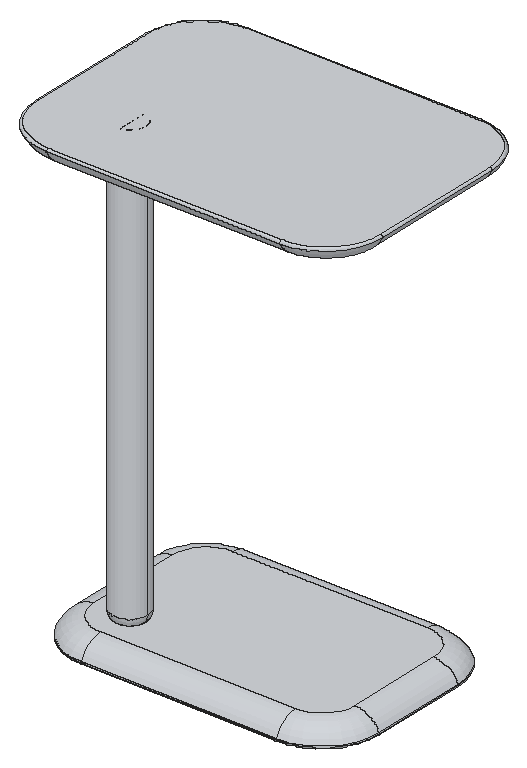
Revit family "Spot Side Table_RFA", category Furniture, Revit 2015
Parameters (values of type "18"x 13" x 24"")
  Width = 330.2 mm
  URL = "http://www.poppin.com"
  Manufacturer = "Poppin, Inc."
  Felt Pads = none
  Length = 457.2 mm
  Height = 609.6 mm
  Keys = none
  Post = none
  Description = "Spot Side Table"
  Flat Surfaces = none
  Copyright = "Copyright © Poppin, Inc."
Reference planes
  plane 1 "Center (Front/Back)": y = 0
  plane 2: z = 0
  plane 3 "Center (Left/Right)": x = 0
Forms (mm)
  Extrusion 1, solid, material <- "Felt Pads"
    sketch origin (0, 0, 0) x (1, 0, 0) y (0, 1, 0)
      loop
        circle (-165.52, 98.572) r 12.5
      loop
        circle (-165.52, -105.49) r 12.5
      loop
        circle (165.571, 98.572) r 12.5
      loop
        circle (165.571, -105.49) r 12.5
    from 0 to 2.5
  Extrusion 2, solid, material <- "Flat Surfaces"
    sketch origin (0, 0, 0) x (1, 0, 0) y (0, 1, 0)
      loop
        arc (-128.305, 136.279) -> (-181.338, 114.312) -> (-203.305, 61.279) r 75
        line (-203.305, 61.279) -> (-203.305, -68.721)
        arc (-203.305, -68.721) -> (-181.338, -121.754) -> (-128.305, -143.721) r 75
        line (-128.305, -143.721) -> (128.57, -143.721)
        arc (128.57, -143.721) -> (181.603, -121.754) -> (203.57, -68.721) r 75
        line (203.57, -68.721) -> (203.57, 61.279)
        arc (203.57, 61.279) -> (181.603, 114.312) -> (128.57, 136.279) r 75
        line (128.57, 136.279) -> (-128.305, 136.279)
    from 2.425 to 27.425
  Sweep 3, void
    path in 3D
      loop
        arc (-203.305, -68.721, 27.425) -> (-181.338, -121.754, 27.425) -> (-128.305, -143.721, 27.425) r 75
        line (-128.305, -143.721, 27.425) -> (128.57, -143.721, 27.425)
        arc (128.57, -143.721, 27.425) -> (181.603, -121.754, 27.425) -> (203.57, -68.721, 27.425) r 75
        line (203.57, -68.721, 27.425) -> (203.57, 61.279, 27.425)
        arc (203.57, 61.279, 27.425) -> (181.603, 114.312, 27.425) -> (128.57, 136.279, 27.425) r 75
        line (128.57, 136.279, 27.425) -> (-128.305, 136.279, 27.425)
        arc (-128.305, 136.279, 27.425) -> (-181.338, 114.312, 27.425) -> (-203.305, 61.279, 27.425) r 75
        line (-203.305, 61.279, 27.425) -> (-203.305, -68.721, 27.425)
    profile origin (-203.305, -3.721, 27.425) x (1, 0, 0) y (0, 0, 1)
      loop
        line (-1.381, 0) -> (-1.381, -25) -> (2.738, -25)
        arc (2.738, -25) -> (0.639, -24.13) -> (-0.231, -22.03) r 2.97
        arc (-0.231, -22.03) -> (12.501, -6.538) -> (31.458, 0) r 36.871
        line (31.458, 0) -> (-1.381, 0)
  Extrusion 4, solid, material <- "Flat Surfaces"
    sketch origin (0, 0, 585) x (1, 0, 0) y (0, 1, 0)
      loop
        arc (-153.75, 161.279) -> (-206.783, 139.312) -> (-228.75, 86.279) r 75
        line (-228.75, 86.279) -> (-228.75, -93.721)
        arc (-228.75, -93.721) -> (-206.783, -146.754) -> (-153.75, -168.721) r 75
        line (-153.75, -168.721) -> (153.258, -168.721)
        arc (153.258, -168.721) -> (206.291, -146.754) -> (228.258, -93.721) r 75
        line (228.258, -93.721) -> (228.258, 86.279)
        arc (228.258, 86.279) -> (206.291, 139.312) -> (153.258, 161.279) r 75
        line (153.258, 161.279) -> (-153.75, 161.279)
    from 2.425 to 27.425
  Sweep 5, void
    path in 3D
      loop
        arc (-228.75, -93.721, 612.425) -> (-206.783, -146.754, 612.425) -> (-153.75, -168.721, 612.425) r 75
        line (-153.75, -168.721, 612.425) -> (153.258, -168.721, 612.425)
        arc (153.258, -168.721, 612.425) -> (206.291, -146.754, 612.425) -> (228.258, -93.721, 612.425) r 75
        line (228.258, -93.721, 612.425) -> (228.258, 86.279, 612.425)
        arc (228.258, 86.279, 612.425) -> (206.291, 139.312, 612.425) -> (153.258, 161.279, 612.425) r 75
        line (153.258, 161.279, 612.425) -> (-153.75, 161.279, 612.425)
        arc (-153.75, 161.279, 612.425) -> (-206.783, 139.312, 612.425) -> (-228.75, 86.279, 612.425) r 75
        line (-228.75, 86.279, 612.425) -> (-228.75, -93.721, 612.425)
    profile origin (-228.75, -3.721, 612.425) x (1, 0, 0) y (0, 0, 1)
      loop
        line (-2.782, 0) -> (-2.782, -25) -> (33.357, -25)
        arc (33.357, -25) -> (13.603, -18.791) -> (0.208, -3) r 37.282
        arc (0.208, -3) -> (1.087, -0.879) -> (3.208, 0) r 3
        line (3.208, 0) -> (-2.782, 0)
  Revolve 6, solid, material <- "Post"
    sketch origin (0, -66.25, 0) x (1, 0, 0) y (0, 0, 1)
      loop
        arc (-102.492, 578.292) -> (-103.589, 583.021) -> (-105.631, 587.425) r 23.598
        line (-105.631, 587.425) -> (-105.631, 611.571) -> (-126.489, 611.571) -> (-126.489, 2.738) -> (-105.669, 2.738) -> (-105.669, 27.425)
        arc (-105.669, 27.425) -> (-103.659, 31.759) -> (-102.492, 36.391) r 25.487
        line (-102.492, 36.391) -> (-102.492, 578.292)
      axis (-126.5, 611.571) -> (-126.5, 2.738)
    angle from 0 to 360
  Extrusion 7, solid, material <- "Keys"
    sketch origin (0, 0, 0) x (1, 0, 0) y (0, 1, 0)
      loop
        line (-129.5, -45.597) -> (-129.5, -86.903) -> (-123.5, -86.903) -> (-123.5, -45.597) -> (-129.5, -45.597)
    from 2.738 to 21.425
  Extrusion 8, solid, material <- "Keys"
    sketch origin (0, 0, 590.62) x (1, 0, 0) y (0, 1, 0)
      loop
        line (-129.5, -45.597) -> (-129.5, -86.903) -> (-123.5, -86.903) -> (-123.5, -45.597) -> (-129.5, -45.597)
    from 2.738 to 20.952
  Extrusion 9, solid, material <- "Keys", not visible
    sketch origin (0, 0, 0) x (1, 0, 0) y (0, 1, 0)
      loop
        line (-129.5, -45.597) -> (-129.5, -86.903) -> (-123.5, -86.903) -> (-123.5, -45.597) -> (-129.5, -45.597)
    from 2.738 to 21.425
  Extrusion 10, solid, material <- "Keys", not visible
    sketch origin (0, 0, 590.62) x (1, 0, 0) y (0, 1, 0)
      loop
        line (-129.5, -45.597) -> (-129.5, -86.903) -> (-123.5, -86.903) -> (-123.5, -45.597) -> (-129.5, -45.597)
    from 2.738 to 20.952
  Extrusion 11, solid, material <- "Felt Pads", not visible
    sketch origin (0, 0, 0) x (1, 0, 0) y (0, 1, 0)
      loop
        circle (-165.52, 98.572) r 12.5
      loop
        circle (-165.52, -105.49) r 12.5
      loop
        circle (165.571, 98.572) r 12.5
      loop
        circle (165.571, -105.49) r 12.5
    from 0 to 2.5
  Extrusion 12, solid, material <- "Flat Surfaces", not visible
    sketch origin (0, 0, 0) x (1, 0, 0) y (0, 1, 0)
      loop
        arc (-128.305, 136.279) -> (-181.338, 114.312) -> (-203.305, 61.279) r 75
        line (-203.305, 61.279) -> (-203.305, -68.721)
        arc (-203.305, -68.721) -> (-181.338, -121.754) -> (-128.305, -143.721) r 75
        line (-128.305, -143.721) -> (128.57, -143.721)
        arc (128.57, -143.721) -> (181.603, -121.754) -> (203.57, -68.721) r 75
        line (203.57, -68.721) -> (203.57, 61.279)
        arc (203.57, 61.279) -> (181.603, 114.312) -> (128.57, 136.279) r 75
        line (128.57, 136.279) -> (-128.305, 136.279)
    from 2.425 to 27.425
  Sweep 13, void, not visible
    path in 3D
      loop
        arc (-203.305, -68.721, 27.425) -> (-181.338, -121.754, 27.425) -> (-128.305, -143.721, 27.425) r 75
        line (-128.305, -143.721, 27.425) -> (128.57, -143.721, 27.425)
        arc (128.57, -143.721, 27.425) -> (181.603, -121.754, 27.425) -> (203.57, -68.721, 27.425) r 75
        line (203.57, -68.721, 27.425) -> (203.57, 61.279, 27.425)
        arc (203.57, 61.279, 27.425) -> (181.603, 114.312, 27.425) -> (128.57, 136.279, 27.425) r 75
        line (128.57, 136.279, 27.425) -> (-128.305, 136.279, 27.425)
        arc (-128.305, 136.279, 27.425) -> (-181.338, 114.312, 27.425) -> (-203.305, 61.279, 27.425) r 75
        line (-203.305, 61.279, 27.425) -> (-203.305, -68.721, 27.425)
    profile origin (-203.305, -3.721, 27.425) x (1, 0, 0) y (0, 0, 1)
      loop
        line (-1.381, 0) -> (-1.381, -25) -> (2.738, -25)
        arc (2.738, -25) -> (0.639, -24.13) -> (-0.231, -22.03) r 2.97
        arc (-0.231, -22.03) -> (12.501, -6.538) -> (31.458, 0) r 36.871
        line (31.458, 0) -> (-1.381, 0)
  Extrusion 14, solid, material <- "Flat Surfaces", not visible
    sketch origin (0, 0, 585) x (1, 0, 0) y (0, 1, 0)
      loop
        arc (-153.75, 161.279) -> (-206.783, 139.312) -> (-228.75, 86.279) r 75
        line (-228.75, 86.279) -> (-228.75, -93.721)
        arc (-228.75, -93.721) -> (-206.783, -146.754) -> (-153.75, -168.721) r 75
        line (-153.75, -168.721) -> (153.258, -168.721)
        arc (153.258, -168.721) -> (206.291, -146.754) -> (228.258, -93.721) r 75
        line (228.258, -93.721) -> (228.258, 86.279)
        arc (228.258, 86.279) -> (206.291, 139.312) -> (153.258, 161.279) r 75
        line (153.258, 161.279) -> (-153.75, 161.279)
    from 2.425 to 27.425
  Sweep 15, void, not visible
    path in 3D
      loop
        arc (-228.75, -93.721, 612.425) -> (-206.783, -146.754, 612.425) -> (-153.75, -168.721, 612.425) r 75
        line (-153.75, -168.721, 612.425) -> (153.258, -168.721, 612.425)
        arc (153.258, -168.721, 612.425) -> (206.291, -146.754, 612.425) -> (228.258, -93.721, 612.425) r 75
        line (228.258, -93.721, 612.425) -> (228.258, 86.279, 612.425)
        arc (228.258, 86.279, 612.425) -> (206.291, 139.312, 612.425) -> (153.258, 161.279, 612.425) r 75
        line (153.258, 161.279, 612.425) -> (-153.75, 161.279, 612.425)
        arc (-153.75, 161.279, 612.425) -> (-206.783, 139.312, 612.425) -> (-228.75, 86.279, 612.425) r 75
        line (-228.75, 86.279, 612.425) -> (-228.75, -93.721, 612.425)
    profile origin (-228.75, -3.721, 612.425) x (1, 0, 0) y (0, 0, 1)
      loop
        line (-2.782, 0) -> (-2.782, -25) -> (33.357, -25)
        arc (33.357, -25) -> (13.603, -18.791) -> (0.208, -3) r 37.282
        arc (0.208, -3) -> (1.087, -0.879) -> (3.208, 0) r 3
        line (3.208, 0) -> (-2.782, 0)
Cuts and joins
  Sweep 3 cuts Extrusion 2
  Sweep 5 cuts Extrusion 4
Lines and regions (mm)
  sketch lines
    curve 1: line (-203.305, 61.279, 27.425) -> (-203.305, -68.721, 27.425)
    curve 2: arc (-203.305, 61.279, 27.425) -> (-181.338, 114.312, 27.425) -> (-128.305, 136.279, 27.425) r 75
    curve 3: line (128.57, 136.279, 27.425) -> (-128.305, 136.279, 27.425)
    curve 4: line (-128.305, -143.721, 27.425) -> (128.57, -143.721, 27.425)
    curve 5: arc (203.57, -68.721, 27.425) -> (181.603, -121.754, 27.425) -> (128.57, -143.721, 27.425) r 75
    curve 6: line (203.57, -68.721, 27.425) -> (203.57, 61.279, 27.425)
    curve 7: arc (128.57, 136.279, 27.425) -> (181.603, 114.312, 27.425) -> (203.57, 61.279, 27.425) r 75
    curve 8: arc (-128.305, -143.721, 27.425) -> (-181.338, -121.754, 27.425) -> (-203.305, -68.721, 27.425) r 75
    curve 9: line (-228.75, 86.279, 612.425) -> (-228.75, -93.721, 612.425)
    curve 10: arc (-228.75, 86.279, 612.425) -> (-206.783, 139.312, 612.425) -> (-153.75, 161.279, 612.425) r 75
    curve 11: arc (153.258, 161.279, 612.425) -> (206.291, 139.312, 612.425) -> (228.258, 86.279, 612.425) r 75
    curve 12: line (153.258, 161.279, 612.425) -> (-153.75, 161.279, 612.425)
    curve 13: line (228.258, -93.721, 612.425) -> (228.258, 86.279, 612.425)
    curve 14: arc (228.258, -93.721, 612.425) -> (206.291, -146.754, 612.425) -> (153.258, -168.721, 612.425) r 75
    curve 15: line (-153.75, -168.721, 612.425) -> (153.258, -168.721, 612.425)
    curve 16: arc (-153.75, -168.721, 612.425) -> (-206.783, -146.754, 612.425) -> (-228.75, -93.721, 612.425) r 75
  sketch lines, not visible
    curve 17: line (-203.305, 61.279, 27.425) -> (-203.305, -68.721, 27.425)
    curve 18: arc (-203.305, 61.279, 27.425) -> (-181.338, 114.312, 27.425) -> (-128.305, 136.279, 27.425) r 75
    curve 19: line (128.57, 136.279, 27.425) -> (-128.305, 136.279, 27.425)
    curve 20: line (-128.305, -143.721, 27.425) -> (128.57, -143.721, 27.425)
    curve 21: arc (203.57, -68.721, 27.425) -> (181.603, -121.754, 27.425) -> (128.57, -143.721, 27.425) r 75
    curve 22: line (203.57, -68.721, 27.425) -> (203.57, 61.279, 27.425)
    curve 23: arc (128.57, 136.279, 27.425) -> (181.603, 114.312, 27.425) -> (203.57, 61.279, 27.425) r 75
    curve 24: arc (-128.305, -143.721, 27.425) -> (-181.338, -121.754, 27.425) -> (-203.305, -68.721, 27.425) r 75
    curve 25: line (-228.75, 86.279, 612.425) -> (-228.75, -93.721, 612.425)
    curve 26: arc (-228.75, 86.279, 612.425) -> (-206.783, 139.312, 612.425) -> (-153.75, 161.279, 612.425) r 75
    curve 27: arc (153.258, 161.279, 612.425) -> (206.291, 139.312, 612.425) -> (228.258, 86.279, 612.425) r 75
    curve 28: line (153.258, 161.279, 612.425) -> (-153.75, 161.279, 612.425)
    curve 29: line (228.258, -93.721, 612.425) -> (228.258, 86.279, 612.425)
    curve 30: arc (228.258, -93.721, 612.425) -> (206.291, -146.754, 612.425) -> (153.258, -168.721, 612.425) r 75
    curve 31: line (-153.75, -168.721, 612.425) -> (153.258, -168.721, 612.425)
    curve 32: arc (-153.75, -168.721, 612.425) -> (-206.783, -146.754, 612.425) -> (-228.75, -93.721, 612.425) r 75
Dimensions and locks
  aligned and locked: level to plane 2
